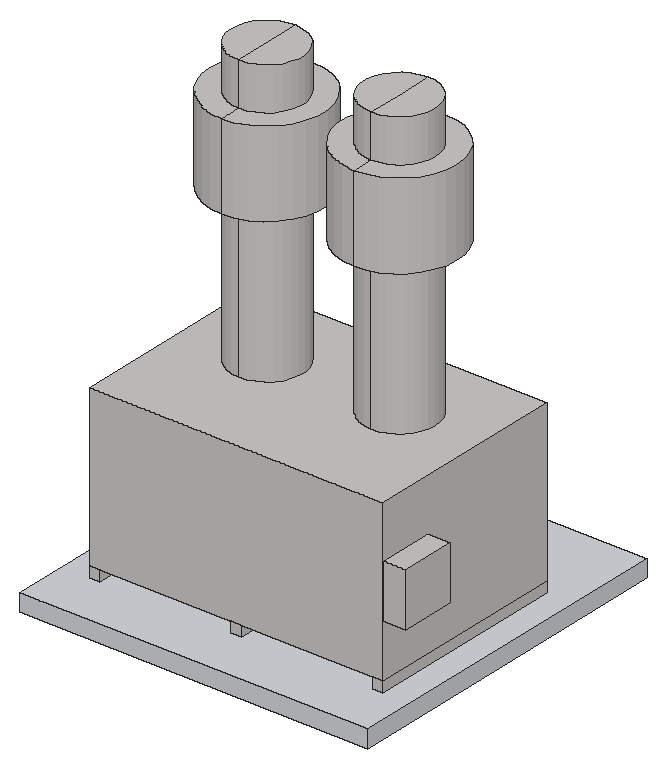
Revit family "DC_Rheem_PLM_Raypak_B2804HWT", category Plumbing Fixtures, host Face, Revit 2020
Family settings
  Host = Face
  Round Connector Dimension = Use Radius
  Part Type = Normal
  Cut with Voids When Loaded = No
  Shared = No
  Room Calculation Point = No
Parameters (values of type "Raypak - Gas Water Heater- Outdoor - 2804 MJ/h  Natural gas, modulating gas control")
  Width_ANZRS = 1430 mm
  URL = "http://www.rheem.com.au/CommercialProducts"
  Type Comments = "Recovery 10750L/h @ 50°C rise\r\n"
  TopSmallDiameter_ANZRS = 500 mm
  TopH2__ANZRS = 600 mm
  TopH1_ANZRS = 300 mm
  TopBigDiameter_ANZRS = 800 mm
  PRVDiameter_ANZRS = PRVRadius_ANZRS * 2  # 20 mm
  Materials_ANZRS = Raypak - Grey Powder Coated Steel
  PRVRadius_ANZRS = 10 mm
  PVRDistance_ANZRS = 400 mm
  Model = "B2804NCM/HWT\r\n"
  Manufacturer = "Raypak\r\n"
  Length_ANZRS = 2060 mm
  HotWaterPipeDistance_ANZRS = 235 mm
  HotWaterPipeRadius_ANZRS = 40 mm
  HotWaterPipeDiameter_ANZRS = HotWaterPipeRadius_ANZRS * 2  # 80 mm
  Height_ANZRS = 3185 mm
  GasPipeDiameter_ANZRS = GasPipeRadius_ANZRS * 2  # 65 mm
  GasPipeRadius_ANZRS = 32.5 mm
  GasPipeHeight_ANZRS = 600 mm
  GasPipeDistance_ANZRS = 210 mm
  EleBoxWidth_ANZRS = 160 mm
  EleBoxHeightFrom Base_ANZRS = 450 mm
  EleBoxHeight_ANZRS = 380 mm
  DesignBy_ANZRS = "Design Content ©"
  Description = "Raypak - Gas Water Heater- Outdoor - 2804 MJ/h  Natural gas, modulating gas control\r\n"
  Default Elevation = 0 mm
  ConnectionHeight_ANZRS = 910 mm
  ColdWaterPipeRadius_ANZRS = 40 mm
  ColdWaterPipeDistance_ANZRS = 567 mm
  ColdWaterPipeDiameter_ANZRS = ColdWaterPipeRadius_ANZRS * 2  # 80 mm
  BoxHeight_ANZRS = 1195 mm
  BaseWidth_ANZRS = 75 mm
  BaseHeight_ANZRS = 75 mm
  BaseDistance_ANZRS = 0 mm
  Author_ANZRS = "DM"
  Assembly Code = ""
  A1_ANZRS = 565 mm
Types (5, lengths in mm): name | URL | Type Comments | Model | GasPipeDiameter_ANZRS | GasPipeRadius_ANZRS | Description
  (no name) | "http://www.rheem.com.au/downloads/PDF/Raypak_Mechanical_Heating_Brochure_July_09.pdf\r\n" | "Recovery 11561L/h @ 50°C rise\r\n" | "B2804PCO/HWT\r\n\r\n\r\n\r\n" | 40 | 20 | "Raypak - Gas Water Heater- Outdoor - 3035 MJ/h  Propane gas, On/Off gas control\r\n"
  Raypak - Gas Water Heater- Outdoor - 2804 MJ/h  Natural gas, modulating gas control | "http://www.rheem.com.au/CommercialProducts" | "Recovery 10750L/h @ 50°C rise\r\n" | "B2804NCM/HWT\r\n" | 65 | 32.5 | "Raypak - Gas Water Heater- Outdoor - 2804 MJ/h  Natural gas, modulating gas control\r\n"
  Raypak - Gas Water Heater- Outdoor - 2804 MJ/h  Natural gas, On/Off gas control | "http://www.rheem.com.au/CommercialProducts" | "Recovery 10750L/h @ 50°C rise\r\n" | "B2804NCO/HWT\r\n\r\n" | 65 | 32.5 | "Raypak - Gas Water Heater- Outdoor - 2804 MJ/h  Natural gas, On/Off gas control\r\n"
  Raypak - Gas Water Heater- Outdoor - 3035 MJ/h  Propane gas, modulating gas control | "http://www.rheem.com.au/CommercialProducts" | "Recovery 11561L/h @ 50°C rise\r\n" | "B2804PCM/HWT\r\n\r\n\r\n" | 40 | 20 | "Raypak - Gas Water Heater- Outdoor - 3035 MJ/h  Propane gas, modulating gas control\r\n"
  Raypak - Gas Water Heater- Outdoor - 3035 MJ/h  Propane gas, On/Off gas control | "http://www.rheem.com.au/CommercialProducts" | "Recovery 11561L/h @ 50°C rise\r\n" | "B2804PCO/HWT\r\n\r\n\r\n\r\n" | 40 | 20 | "Raypak - Gas Water Heater- Outdoor - 3035 MJ/h  Propane gas, On/Off gas control\r\n"
Reference planes
  plane 1 "Center (Front/Back)": y = 0
  plane 2: z = 0
  plane 3 "Center (Left/Right)": x = 0
  plane 4: z = 75
  plane 5: x = -1030
  plane 6: x = 1030
  plane 7: x = 1190
  plane 8: z = 450
  plane 9: z = 1195
  plane 10: x = -1030
  plane 11: x = 1030
  plane 12: x = -955
  plane 13: x = 955
  plane 14: y = 580
  plane 15: y = -850
  plane 16: z = 3185
  plane 17: z = 2885
  plane 18: z = 2285
  plane 19: y = 250
  plane 20: y = -250
  plane 21: y = 400
  plane 22: y = -400
  plane 23: z = 910
  plane 24: y = 180
  plane 25: y = 345
  plane 26: y = -222
  plane 27: y = -640
  plane 28: z = 600
  plane 29: z = 830
  plane 30: x = -1020
  plane 31: x = -1210
  plane 32: x = -1110
  plane 33: x = -37.5
  plane 34: x = 37.5
  plane 35: x = -465
  plane 36: x = 465
  plane 37: x = -715
  plane 38: x = -215
  plane 39: x = -865
  plane 40: x = -65
  plane 41: x = 715
  plane 42: x = 215
  plane 43: x = 865
  plane 44: x = 65
  plane 45: y = -465
Forms (mm)
  Extrusion 1, solid
    sketch origin (0, 0, 0) x (1, 0, 0) y (0, 1, 0)
      loop
        line (-1219.2, 1219.2) -> (-1219.2, -1219.2) -> (1219.2, -1219.2) -> (1219.2, 1219.2) -> (-1219.2, 1219.2)
    from 0 to -120
  Extrusion 2, solid, material "Raypak - Grey Powder Coated Steel" <- "Materials_ANZRS"
    sketch origin (0, 0, 0) x (1, 0, 0) y (0, 0, 1)
      loop
        line (-1030, 75) -> (-1030, 0) -> (-955, 0) -> (-955, 75) -> (-1030, 75)
      loop
        line (955, 75) -> (955, 0) -> (1030, 0) -> (1030, 75) -> (955, 75)
      loop
        line (-37.5, 75) -> (-37.5, 0) -> (37.5, 0) -> (37.5, 75) -> (-37.5, 75)
    from -580 to 850
  Extrusion 3, solid, material "Raypak - Grey Powder Coated Steel" <- "Materials_ANZRS"
    sketch origin (0, 0, 0) x (1, 0, 0) y (0, 1, 0)
      loop
        line (-1030, 580) -> (-1030, -850) -> (1030, -850) -> (1030, 580) -> (-1030, 580)
    from 75 to 1195
  Revolve 4, solid, material "Raypak - Grey Powder Coated Steel" <- "Materials_ANZRS"
    sketch origin (-465, -4572, 910) x (0, 0, -1) y (0, -1, 0)
      loop
        line (-2275, -4572) -> (-285, -4572) -> (-285, -4322) -> (-1375, -4322) -> (-1375, -4172) -> (-1975, -4172) -> (-1975, -4322) -> (-2275, -4322) -> (-2275, -4572)
      axis (-2275, -4572) -> (-285, -4572)
    angle from 0 to 360
  Extrusion 5, solid, material "Raypak - Grey Powder Coated Steel" <- "Materials_ANZRS"
    sketch origin (0, 0, 0) x (1, 0, 0) y (0, 0, 1)
      loop
        line (1030, 830) -> (1030, 450) -> (1190, 450) -> (1190, 830) -> (1030, 830)
    from 465 to 850
  Extrusion 6, solid, material "Raypak - Grey Powder Coated Steel" <- "Materials_ANZRS"
    sketch origin (0, 0, 0) x (0, 1, 0) y (0, 0, 1)
      loop
        circle (345, 910) r 40
      loop
        circle (-222, 910) r 40
    from -1210 to -1030
  Extrusion 7, solid, material "Raypak - Grey Powder Coated Steel" <- "Materials_ANZRS"
    sketch origin (0, 0, 0) x (0, 1, 0) y (0, 0, 1)
      loop
        circle (-640, 600) r 32.5
    from -1110 to -1030
  Extrusion 8, void
    sketch origin (0, 0, 0) x (0, 1, 0) y (0, 0, 1)
      loop
        circle (180, 910) r 10
    from -1030 to -1020
  Revolve 9, solid, material "Raypak - Grey Powder Coated Steel" <- "Materials_ANZRS"
    sketch origin (465, -4572, 910) x (0, 0, -1) y (0, 1, 0)
      loop
        line (-2275, 4572) -> (-2275, 4322) -> (-1975, 4322) -> (-1975, 4172) -> (-1375, 4172) -> (-1375, 4322) -> (-285, 4322) -> (-285, 4572) -> (-2275, 4572)
      axis (-2275, 4572) -> (-285, 4572)
    angle from 0 to 360
Cuts and joins
  Extrusion 8 cuts Extrusion 3
  joined: Extrusion 3, Extrusion 7
Lines and regions (mm)
  Masking region 1
    outline origin (0, 0, 0) x (0, 1, 0) y (0, 0, 1)
      loop
        line (250, 3185) -> (-250, 3185) -> (-250, 2885) -> (-400, 2885) -> (-400, 2285) -> (-250, 2285) -> (-250, 1195) -> (-850, 1195) -> (-850, 0) -> (580, 0) -> (580, 1195) -> (250, 1195) -> (250, 2285) -> (400, 2285) -> (400, 2885) -> (250, 2885) -> (250, 3185)
  Masking region 2
    outline origin (0, 0, 0) x (1, 0, 0) y (0, 1, 0)
      loop
        line (-1030, 580) -> (-1030, 385) -> (-1210, 385) -> (-1210, 305) -> (-1030, 305) -> (-1030, -182) -> (-1210, -182) -> (-1210, -262) -> (-1030, -262) -> (-1030, -607.5) -> (-1110, -607.5) -> (-1110, -672.5) -> (-1030, -672.5) -> (-1030, -850) -> (1190, -850) -> (1190, -465) -> (1030, -465) -> (1030, 580) -> (-1030, 580)
  Masking region 3
    outline origin (0, 0, 0) x (1, 0, 0) y (0, 0, 1)
      loop
        line (-215, 2885) -> (-215, 3185) -> (-465, 3185) -> (-715, 3185) -> (-715, 2885) -> (-865, 2885) -> (-865, 2285) -> (-715, 2285) -> (-715, 1195) -> (-1030, 1195) -> (-1030, 930) -> (-1210, 930) -> (-1210, 890) -> (-1030, 890) -> (-1030, 615) -> (-1110, 615) -> (-1110, 585) -> (-1030, 585) -> (-1030, 75) -> (-1030, 0) -> (-955, 0) -> (-955, 75) -> (-37.5, 75) -> (-37.5, 0) -> (37.5, 0) -> (37.5, 75) -> (955, 75) -> (955, 0) -> (1030, 0) -> (1030, 75) -> (1030, 450) -> (1190, 450) -> (1190, 830) -> (1030, 830) -> (1030, 1195) -> (715, 1195) -> (715, 2285) -> (865, 2285) -> (865, 2885) -> (715, 2885) -> (715, 3185) -> (215, 3185) -> (215, 2885) -> (65, 2885) -> (65, 2285) -> (215, 2285) -> (215, 1195) -> (-215, 1195) -> (-215, 2285) -> (-65, 2285) -> (-65, 2885) -> (-215, 2885)
  symbolic lines, style "Rheem Raypak", detail levels fine
    curve 1: line (1030, 0, 1195) -> (-1030, 0, 1195)
    curve 2: line (1030, 0, 75) -> (1030, 0, 1195)
    curve 3: line (-1030, 0, 1195) -> (-1030, 0, 75)
    curve 4: line (-1030, 0, 75) -> (1030, 0, 75)
    curve 5: line (-955, 0, 0) -> (-955, 0, 75)
    curve 6: line (-1030, 0, 0) -> (-955, 0, 0)
    curve 7: line (-1030, 0, 75) -> (-1030, 0, 0)
    curve 8: line (1030, 0, 0) -> (1030, 0, 75)
    curve 9: line (955, 0, 75) -> (955, 0, 0)
    curve 10: line (955, 0, 0) -> (1030, 0, 0)
    curve 11: line (1030, 0, 450) -> (1190, 0, 450)
    curve 12: line (1190, 0, 450) -> (1190, 0, 830)
    curve 13: line (1190, 0, 830) -> (1030, 0, 830)
    curve 14: line (-1110, 0, 585) -> (-1030, 0, 585)
    curve 15: line (-1110, 0, 615) -> (-1110, 0, 585)
    curve 16: line (-1030, 0, 615) -> (-1110, 0, 615)
    curve 17: line (0, -400, 2885) -> (0, 400, 2885)
    curve 18: line (0, -400, 2285) -> (0, 400, 2285)
    curve 19: line (0, 400, 2285) -> (0, 400, 2885)
    curve 20: line (0, -400, 2885) -> (0, -400, 2285)
    curve 21: line (0, -250, 3185) -> (0, -250, 2885)
    curve 22: line (0, 250, 2885) -> (0, 250, 3185)
    curve 23: line (0, -250, 3185) -> (0, 250, 3185)
    curve 24: line (0, -250, 2285) -> (0, -250, 1195)
    curve 25: line (0, 250, 1195) -> (0, 250, 2285)
    curve 26: line (0, 580, 1195) -> (0, -850, 1195)
    curve 27: line (0, -850, 1195) -> (0, -850, 75)
    curve 28: line (0, 580, 75) -> (0, 580, 1195)
    curve 29: line (0, -850, 75) -> (0, 580, 75)
    curve 30: line (0, 580, 0) -> (0, 580, 75)
    curve 31: line (0, -850, 75) -> (0, -850, 0)
    curve 32: line (0, -850, 0) -> (0, 580, 0)
    curve 33: arc (0, -242, 910) -> (0, -222, 890) -> (0, -202, 910) r 20
    curve 34: arc (0, -202, 910) -> (0, -222, 930) -> (0, -242, 910) r 20
    curve 35: arc (0, -625, 600) -> (0, -640, 585) -> (0, -655, 600) r 15
    curve 36: arc (0, -655, 600) -> (0, -640, 615) -> (0, -625, 600) r 15
    curve 37: arc (0, 325, 910) -> (0, 345, 890) -> (0, 365, 910) r 20
    curve 38: arc (0, 365, 910) -> (0, 345, 930) -> (0, 325, 910) r 20
    curve 39: arc (0, 165, 910) -> (0, 180, 895) -> (0, 195, 910) r 15
    curve 40: arc (0, 195, 910) -> (0, 180, 925) -> (0, 165, 910) r 15
    curve 41: line (1030, -850, 0) -> (1030, 580, 0)
    curve 42: line (-1030, -850, 0) -> (1030, -850, 0)
    curve 43: line (-1030, 580, 0) -> (-1030, -850, 0)
    curve 44: line (1190, -850, 0) -> (1190, 580, 0)
    curve 45: line (1030, -850, 0) -> (1190, -850, 0)
    curve 46: line (-1110, -607.5, 0) -> (-1110, -672.5, 0)
    curve 47: line (-1110, -607.5, 0) -> (-1030, -607.5, 0)
    curve 48: line (-1110, -672.5, 0) -> (-1030, -672.5, 0)
    curve 49: line (37.5, 0, 0) -> (37.5, 0, 75)
    curve 50: line (-1030, 0, 75) -> (1030, 0, 75)
    curve 51: line (-37.5, 0, 75) -> (-37.5, 0, 0)
    curve 52: line (-37.5, 0, 0) -> (37.5, 0, 0)
    curve 53: line (1190, 580, 0) -> (-1030, 580, 0)
    curve 54: line (865, 0, 2285) -> (865, 0, 2885)
    curve 55: line (65, 0, 2285) -> (65, 0, 2885)
    curve 56: line (215, 0, 3185) -> (215, 0, 2885)
    curve 57: line (715, 0, 3185) -> (715, 0, 2885)
    curve 58: line (65, 0, 2285) -> (865, 0, 2285)
    curve 59: line (65, 0, 2885) -> (865, 0, 2885)
    curve 60: line (215, 0, 3185) -> (715, 0, 3185)
    curve 61: line (215, 0, 2285) -> (215, 0, 1195)
    curve 62: line (715, 0, 2285) -> (715, 0, 1195)
    curve 63: line (-215, 0, 3185) -> (-465, 0, 3185)
    curve 64: line (-465, 0, 3185) -> (-715, 0, 3185)
    curve 65: line (-465, 0, 2885) -> (-865, 0, 2885)
    curve 66: line (-65, 0, 2885) -> (-465, 0, 2885)
    curve 67: line (-65, 0, 2285) -> (-465, 0, 2285)
    curve 68: line (-465, 0, 2285) -> (-865, 0, 2285)
    curve 69: line (-865, 0, 2285) -> (-865, 0, 2885)
    curve 70: line (-715, 0, 3185) -> (-715, 0, 2885)
    curve 71: line (-215, 0, 3185) -> (-215, 0, 2885)
    curve 72: line (-65, 0, 2285) -> (-65, 0, 2885)
    curve 73: line (-215, 0, 2285) -> (-215, 0, 1195)
    curve 74: line (-715, 0, 2285) -> (-715, 0, 1195)
    curve 83: line (-1030, 0, 930) -> (-1210, 0, 930)
    curve 84: line (-1210, 0, 930) -> (-1210, 0, 890)
    curve 85: line (-1210, 0, 890) -> (-1030, 0, 890)
  symbolic lines, style "Rheem Raypak"
    curve 75: arc (-465, -400, 0) -> (-65, 0, 0) -> (-465, 400, 0) r 400
    curve 76: arc (-465, 400, 0) -> (-865, 0, 0) -> (-465, -400, 0) r 400
    curve 77: arc (-465, 250, 0) -> (-715, 0, 0) -> (-465, -250, 0) r 250
    curve 78: arc (-465, -250, 0) -> (-215, 0, 0) -> (-465, 250, 0) r 250
    curve 79: arc (465, -400, 0) -> (65, 0, 0) -> (465, 400, 0) r 400
    curve 80: arc (465, -250, 0) -> (215, 0, 0) -> (465, 250, 0) r 250
    curve 81: arc (465, 250, 0) -> (715, 0, 0) -> (465, -250, 0) r 250
    curve 82: arc (465, 400, 0) -> (865, 0, 0) -> (465, -400, 0) r 400
Dimensions and locks
  "BaseHeight_ANZRS": plane 4 to level
  equal spacing: plane 6, plane 3 "Center (Left/Right)", plane 5
  "Length_ANZRS": plane 5 to plane 6
  "EleBoxWidth_ANZRS": plane 6 to plane 7
  "EleBoxHeightFrom Base_ANZRS": plane 8 to Extrusion 1
  "EleBoxHeight_ANZRS": plane 29 to plane 8
  "BaseDistance_ANZRS": plane 10 to plane 5
  "BaseDistance_ANZRS": plane 11 to plane 6
  "BaseWidth_ANZRS": plane 10 to plane 12
  "BaseWidth_ANZRS": plane 11 to plane 13
  plane 1 "Center (Front/Back)" to plane 15 = 850 mm
  "Width_ANZRS": plane 14 to plane 15
  "Height_ANZRS": plane 16 to Extrusion 1
  "TopSmallDiameter_ANZRS": plane 19 to plane 20
  equal spacing: plane 19, plane 1 "Center (Front/Back)", plane 20
  equal spacing: plane 21, plane 1 "Center (Front/Back)", plane 22
  "TopBigDiameter_ANZRS": plane 21 to plane 22
  "ConnectionHeight_ANZRS": plane 23 to Extrusion 1
  "BoxHeight_ANZRS": plane 9 to Extrusion 1
  "PVRDistance_ANZRS": plane 14 to plane 24
  "HotWaterPipeDistance_ANZRS": plane 14 to plane 25
  "ColdWaterPipeDistance_ANZRS": plane 25 to plane 26
  "GasPipeDistance_ANZRS": plane 27 to plane 15
  "GasPipeHeight_ANZRS": plane 28 to Extrusion 1
  "TopH1_ANZRS": plane 16 to plane 17
  "TopH2__ANZRS": plane 17 to plane 18
  locked: plane 5 to plane 30 at 10
  plane 31 to plane 5 = 180 mm
  plane 31 to cut or joined group of Extrusion 3, Extrusion 7, Extrusion 8 = 180 mm
  plane 32 to cut or joined group of Extrusion 3, Extrusion 7, Extrusion 8 = 80 mm
  equal spacing: plane 33, plane 3 "Center (Left/Right)", plane 34
  "BaseWidth_ANZRS": plane 33 to plane 34
  plane 32 to plane 10 = 80 mm
  plane 31 to plane 10 = 180 mm
  "A1_ANZRS": plane 10 to plane 35
  "A1_ANZRS": plane 36 to plane 11
  equal spacing: plane 38, plane 35, plane 37
  "TopSmallDiameter_ANZRS": plane 38 to plane 37
  equal spacing: plane 39, plane 35, plane 40
  "TopBigDiameter_ANZRS": plane 39 to plane 40
  "TopSmallDiameter_ANZRS": plane 42 to plane 41
  "TopBigDiameter_ANZRS": plane 43 to plane 44
  equal spacing: plane 41, plane 36, plane 42
  equal spacing: plane 44, plane 36, plane 43
  equal spacing: Masking region 2 sketch curve, plane 25, Masking region 2 sketch curve
  "HotWaterPipeDiameter_ANZRS": Masking region 2 sketch curve to Masking region 2 sketch curve
  equal spacing: Masking region 2 sketch curve, plane 26, Masking region 2 sketch curve
  "ColdWaterPipeDiameter_ANZRS": Masking region 2 sketch curve to Masking region 2 sketch curve
  equal spacing: Masking region 2 sketch curve, plane 27, Masking region 2 sketch curve
  "GasPipeDiameter_ANZRS": Masking region 2 sketch curve to Masking region 2 sketch curve
  "ColdWaterPipeRadius_ANZRS": radius of Extrusion 6 sketch curve
  "HotWaterPipeRadius_ANZRS": radius of Extrusion 6 sketch curve
  "GasPipeRadius_ANZRS": radius of Extrusion 7 sketch curve
  "PRVRadius_ANZRS": radius of Extrusion 8 sketch curve
  aligned and locked: plane 2 to Extrusion 1
  aligned and locked: level to Extrusion 1
  aligned and locked: Extrusion 2 sketch curve to plane 4  (x2)
  aligned and locked: Extrusion 2 sketch curve to plane 10
  aligned and locked: level to Extrusion 2 sketch curve  (x2)
  aligned and locked: plane 12 to Extrusion 2 sketch curve
  aligned and locked: plane 13 to Extrusion 2 sketch curve
  aligned and locked: plane 11 to Extrusion 2 sketch curve
  aligned and locked: plane 14 to Extrusion 3 sketch curve
  aligned and locked: plane 15 to Extrusion 3 sketch curve
  aligned and locked: plane 6 to Extrusion 3 sketch curve
  aligned and locked: plane 9 to Extrusion 3
  aligned and locked: Extrusion 3 to plane 4
  aligned and locked: Extrusion 2 to plane 15
  aligned and locked: Extrusion 2 to plane 14
  aligned and locked: plane 16 to Revolve 4 sketch curve
  aligned and locked: Revolve 4 sketch curve to plane 20
  aligned and locked: Revolve 4 sketch curve to plane 22
  aligned and locked: plane 9 to Revolve 4 sketch curve
  aligned and locked: Revolve 4 sketch curve to plane 1 "Center (Front/Back)"
  aligned and locked: Extrusion 5 sketch curve to plane 29
  aligned and locked: Extrusion 5 sketch curve to plane 6
  aligned and locked: plane 8 to Extrusion 5 sketch curve
  aligned and locked: plane 7 to Extrusion 5 sketch curve
  aligned: Extrusion 2 to Extrusion 5
  aligned and locked: Extrusion 5 to Extrusion 2
  aligned and locked: plane 25 to Extrusion 6 sketch curve
  aligned and locked: plane 23 to Extrusion 6 sketch curve  (x2)
  aligned and locked: plane 26 to Extrusion 6 sketch curve
  aligned and locked: Extrusion 3 to plane 5
  aligned: Extrusion 6 to plane 5
  aligned: Extrusion 6 to plane 30
  aligned and locked: plane 28 to Extrusion 7 sketch curve
  aligned and locked: plane 27 to Extrusion 7 sketch curve
  aligned: plane 31 to Extrusion 7
  aligned: Extrusion 7 to plane 30
  aligned: plane 5 to Extrusion 7
  aligned and locked: plane 16 to Masking region 1 sketch curve
  aligned and locked: plane 17 to Masking region 1 sketch curve
  aligned and locked: Masking region 1 sketch curve to plane 22
  aligned and locked: plane 21 to Masking region 1 sketch curve
  aligned and locked: plane 19 to Masking region 1 sketch curve
  aligned and locked: Masking region 1 sketch curve to plane 20
  aligned and locked: plane 9 to Masking region 1 sketch curve
  aligned and locked: Masking region 1 sketch curve to plane 15
  aligned and locked: plane 14 to Masking region 1 sketch curve
  aligned and locked: Extrusion 1 to Masking region 1 sketch curve
  aligned and locked: plane 18 to Masking region 1 sketch curve
  aligned and locked: curve 1 to cut or joined group of Extrusion 3, Extrusion 7, Extrusion 8
  aligned and locked: curve 2 to cut or joined group of Extrusion 3, Extrusion 7, Extrusion 8
  aligned and locked: curve 3 to cut or joined group of Extrusion 3, Extrusion 7, Extrusion 8
  aligned and locked: curve 4 to cut or joined group of Extrusion 3, Extrusion 7, Extrusion 8
  aligned and locked: curve 5 to Extrusion 2
  aligned and locked: curve 6 to Extrusion 2
  aligned and locked: curve 7 to Extrusion 2
  aligned and locked: curve 8 to Extrusion 2
  aligned and locked: curve 9 to Extrusion 2
  aligned and locked: curve 10 to Extrusion 2
  aligned and locked: curve 11 to Extrusion 5
  aligned and locked: curve 12 to Extrusion 5
  aligned and locked: curve 13 to Extrusion 5
  aligned: cut or joined group of Extrusion 3, Extrusion 7, Extrusion 8 to curve 15
  aligned and locked: curve 17 to Revolve 4
  aligned and locked: curve 18 to Revolve 4
  aligned and locked: curve 19 to Masking region 1
  aligned and locked: curve 20 to Masking region 1
  aligned and locked: curve 21 to Masking region 1
  aligned and locked: curve 22 to Masking region 1
  aligned and locked: curve 23 to Revolve 4
  aligned and locked: curve 24 to Masking region 1
  aligned and locked: curve 25 to Masking region 1
  aligned and locked: curve 26 to cut or joined group of Extrusion 3, Extrusion 7, Extrusion 8
  aligned and locked: curve 27 to cut or joined group of Extrusion 3, Extrusion 7, Extrusion 8
  aligned and locked: curve 28 to cut or joined group of Extrusion 3, Extrusion 7, Extrusion 8
  aligned and locked: curve 29 to cut or joined group of Extrusion 3, Extrusion 7, Extrusion 8
  aligned and locked: curve 30 to Extrusion 2
  aligned and locked: curve 31 to Extrusion 2
  aligned and locked: curve 32 to Extrusion 2
  aligned and locked: curve 41 to cut or joined group of Extrusion 3, Extrusion 7, Extrusion 8
  aligned and locked: curve 42 to cut or joined group of Extrusion 3, Extrusion 7, Extrusion 8
  aligned and locked: curve 43 to cut or joined group of Extrusion 3, Extrusion 7, Extrusion 8
  aligned and locked: curve 44 to Extrusion 5
  aligned and locked: curve 45 to Extrusion 5
  aligned: cut or joined group of Extrusion 3, Extrusion 7, Extrusion 8 to curve 46
  aligned and locked: plane 31 to Extrusion 6
  aligned: plane 5 to Extrusion 6
  aligned: plane 32 to Extrusion 7
  aligned and locked: curve 49 to Extrusion 2
  aligned and locked: curve 50 to cut or joined group of Extrusion 3, Extrusion 7, Extrusion 8
  aligned and locked: curve 51 to Extrusion 2
  aligned and locked: curve 52 to Extrusion 2
  aligned and locked: Masking region 2 sketch curve to curve 53
  aligned and locked: Masking region 2 sketch curve to Extrusion 2
  aligned and locked: Masking region 2 sketch curve to Extrusion 5  (x2)
  aligned and locked: Extrusion 6 to Masking region 2 sketch curve
  aligned and locked: cut or joined group of Extrusion 3, Extrusion 7, Extrusion 8 to Masking region 2 sketch curve
  aligned and locked: plane 32 to curve 15
  aligned and locked: plane 24 to Extrusion 8 sketch curve
  aligned and locked: plane 23 to Extrusion 8 sketch curve
  aligned and locked: Extrusion 8 to plane 5
  aligned: Extrusion 6 to Extrusion 8
  aligned and locked: Extrusion 7 to curve 47
  aligned and locked: cut or joined group of Extrusion 3, Extrusion 7, Extrusion 8 to plane 10
  aligned and locked: Extrusion 8 to plane 30
  aligned and locked: Extrusion 6 to plane 10
  aligned and locked: plane 22 to Revolve 9 sketch curve
  aligned and locked: Revolve 9 sketch curve to plane 18
  aligned and locked: plane 20 to Revolve 9 sketch curve  (x2)
  aligned and locked: Revolve 9 sketch curve to plane 16
  aligned and locked: Revolve 9 sketch curve to plane 17
  aligned and locked: Revolve 9 sketch curve to plane 1 "Center (Front/Back)"
  aligned and locked: plane 43 to curve 54
  aligned and locked: curve 55 to plane 44
  aligned and locked: curve 56 to plane 42
  aligned and locked: plane 41 to curve 57
  aligned and locked: curve 58 to plane 18
  aligned and locked: curve 59 to plane 17
  aligned and locked: curve 60 to plane 16
  aligned and locked: curve 63 to Revolve 4
  aligned and locked: curve 64 to Revolve 4
  aligned and locked: curve 65 to Revolve 4
  aligned and locked: curve 66 to Revolve 4
  aligned and locked: curve 67 to Revolve 4
  aligned and locked: curve 68 to Revolve 4
  aligned and locked: curve 69 to plane 39
  aligned and locked: curve 70 to plane 37
  aligned and locked: plane 38 to curve 71
  aligned and locked: plane 40 to curve 72
  aligned and locked: plane 17 to curve 72
  aligned and locked: plane 17 to curve 70
  aligned and locked: plane 17 to curve 71
  aligned and locked: plane 18 to curve 74
  aligned and locked: plane 18 to curve 73
  aligned and locked: Masking region 3 sketch curve to curve 71
  aligned and locked: Masking region 3 sketch curve to curve 63
  aligned and locked: Masking region 3 sketch curve to curve 64
  aligned and locked: Masking region 3 sketch curve to curve 70
  aligned and locked: Masking region 3 sketch curve to curve 56
  aligned and locked: Masking region 3 sketch curve to curve 60
  aligned and locked: Masking region 3 sketch curve to curve 57
  aligned and locked: Revolve 4 to Masking region 3 sketch curve  (x2)
  aligned and locked: Masking region 3 sketch curve to Revolve 4  (x2)
  aligned and locked: Masking region 3 sketch curve to curve 69
  aligned and locked: Masking region 3 sketch curve to curve 72
  aligned and locked: Masking region 3 sketch curve to curve 74
  aligned and locked: Masking region 3 sketch curve to curve 73
  aligned and locked: Masking region 3 sketch curve to curve 61
  aligned and locked: Masking region 3 sketch curve to curve 62
  aligned and locked: Revolve 9 to Masking region 3 sketch curve  (x2)
  aligned and locked: Masking region 3 sketch curve to Revolve 9  (x2)
  aligned and locked: Masking region 3 sketch curve to curve 54
  aligned and locked: Masking region 3 sketch curve to curve 55
  aligned and locked: Masking region 3 sketch curve to cut or joined group of Extrusion 3, Extrusion 7, Extrusion 8  (x3)
  aligned and locked: Masking region 3 sketch curve to Extrusion 2  (x9)
  aligned and locked: cut or joined group of Extrusion 3, Extrusion 7, Extrusion 8 to Masking region 3 sketch curve
  aligned and locked: Masking region 3 sketch curve to Extrusion 5  (x3)
  aligned and locked: plane 9 to curve 73
  aligned and locked: plane 9 to curve 74
  aligned and locked: curve 75 to Revolve 4
  aligned and locked: curve 76 to Revolve 4
  aligned and locked: curve 77 to Revolve 4
  aligned and locked: curve 78 to Revolve 4
  aligned and locked: curve 79 to Revolve 9
  aligned and locked: curve 80 to Revolve 9
  aligned and locked: curve 81 to Revolve 9
  aligned and locked: curve 82 to Revolve 9
  aligned and locked: Masking region 3 sketch curve to plane 31
  aligned and locked: Masking region 3 sketch curve to plane 32
  aligned and locked: curve 83 to Masking region 3
  aligned and locked: Extrusion 6 to curve 84
  aligned and locked: curve 85 to Masking region 3
  aligned and locked: Masking region 2 sketch curve to plane 11
  aligned and locked: Masking region 2 sketch curve to plane 45
  aligned and locked: curve 47 to Masking region 2
  aligned and locked: curve 48 to Masking region 2
Automatic sketch dimensions
  curve 43 to plane 5 = 0 mm
  curve 45 to plane 6 = 0 mm
  curve 44 to plane 7 = 0 mm
  curve 42 to plane 15 = 0 mm
  plane 14 to curve 44 = 0 mm
  plane 27 to curve 48 = 32.5 mm
  curve 47 to plane 27 = 32.5 mm
  curve 33 to curve 34 = 0 mm  (x2)
  curve 35 to curve 36 = 0 mm  (x2)
  curve 37 to curve 38 = 0 mm  (x2)
  curve 39 to curve 40 = 0 mm  (x2)
  curve 31 to plane 4 = 0 mm
  curve 31 to plane 15 = 0 mm
  curve 36 to plane 28 = 0 mm
  curve 35 to plane 27 = 0 mm
  curve 18 to plane 18 = 0 mm
  curve 18 to plane 22 = 0 mm
  curve 23 to plane 16 = 0 mm
  curve 23 to plane 20 = 0 mm
  curve 24 to plane 9 = 0 mm
  curve 24 to plane 20 = 0 mm
  curve 33 to plane 23 = 0 mm
  curve 33 to plane 26 = 0 mm
  curve 39 to plane 23 = 0 mm
  curve 40 to plane 24 = 0 mm
  curve 22 to plane 19 = 0 mm
  curve 25 to plane 19 = 0 mm
  curve 37 to plane 23 = 0 mm
  curve 37 to plane 25 = 0 mm
  plane 17 to curve 19 = 0 mm
  curve 19 to plane 21 = 0 mm
  curve 29 to plane 14 = 0 mm
  curve 32 to level = 0 mm
  curve 36 to curve 35 = 15 mm
  plane 26 to curve 33 = 20 mm
  plane 24 to curve 39 = 15 mm
  plane 25 to curve 37 = 20 mm
  Extrusion 1 sketch curve to Extrusion 1 sketch curve = 2438.4 mm  (x2)
  Extrusion 2 sketch curve to plane 4 = 0 mm
  plane 33 to Extrusion 2 sketch curve = 0 mm
  Extrusion 2 sketch curve to level = 0 mm
  Extrusion 2 sketch curve to plane 34 = 0 mm
  Extrusion 3 sketch curve to plane 5 = 0 mm
  Revolve 4 sketch curve to plane 1 "Center (Front/Back)" = 0 mm
  Revolve 4 sketch curve to plane 17 = 0 mm
  Revolve 4 sketch curve to plane 18 = 0 mm
  Revolve 4 sketch curve to plane 20 = 0 mm
  Revolve 4 sketch curve to plane 16 = 51.193 mm
  Revolve 4 sketch curve to level = 2207.352 mm
  Masking region 1 sketch curve to plane 17 = 0 mm
  Masking region 1 sketch curve to plane 20 = 0 mm
  Masking region 1 sketch curve to plane 19 = 0 mm
  Masking region 1 sketch curve to plane 9 = 0 mm
  Masking region 1 sketch curve to plane 18 = 0 mm
  Revolve 9 sketch curve to plane 1 "Center (Front/Back)" = 0 mm
  Revolve 9 sketch curve to plane 9 = 0 mm
  Revolve 9 sketch curve to Revolve 9 sketch curve = 51.193 mm
  Revolve 9 sketch curve to level = 2207.352 mm
  plane 32 to curve 14 = 0 mm
  curve 3 to plane 4 = 0 mm
  curve 3 to plane 5 = 0 mm
  curve 6 to level = 0 mm
  curve 6 to plane 5 = 0 mm
  plane 12 to curve 6 = 0 mm
  curve 74 to plane 37 = 0 mm
  curve 63 to plane 16 = 0 mm
  plane 35 to curve 63 = 0 mm
  plane 35 to curve 67 = 0 mm
  plane 35 to curve 66 = 0 mm
  plane 38 to curve 73 = 0 mm
  plane 33 to curve 51 = 0 mm
  curve 49 to plane 34 = 0 mm
  curve 61 to plane 42 = 0 mm
  plane 41 to curve 62 = 0 mm
  curve 10 to level = 0 mm
  curve 10 to plane 13 = 0 mm
  plane 6 to curve 4 = 0 mm
  plane 6 to curve 10 = 0 mm
  plane 7 to curve 12 = 0 mm
  curve 52 to level = 0 mm
  curve 11 to plane 8 = 0 mm
  curve 13 to plane 29 = 0 mm
  curve 14 to plane 28 = 15 mm
  plane 28 to curve 16 = 15 mm
  plane 35 to Masking region 3 sketch curve = 0 mm
  plane 6 to Masking region 3 sketch curve = 0 mm
  Masking region 3 sketch curve to plane 4 = 0 mm  (x3)
  Masking region 3 sketch curve to plane 9 = 0 mm  (x2)
  Masking region 3 sketch curve to plane 23 = 20 mm
  plane 23 to Masking region 3 sketch curve = 20 mm
  plane 28 to Masking region 3 sketch curve = 15 mm
  Masking region 3 sketch curve to plane 5 = 0 mm
  Masking region 3 sketch curve to plane 28 = 15 mm
  plane 31 to curve 83 = 0 mm
  plane 23 to curve 83 = 20 mm
  curve 84 to plane 23 = 20 mm
  Masking region 2 sketch curve to plane 31 = 0 mm
  Masking region 2 sketch curve to plane 5 = 0 mm  (x3)
Connectors
  piping at (-1110, -640, 600), diameter 65, driven by "GasPipeRadius_ANZRS"
    settings: on cut or joined group of Extrusion 3, Extrusion 7, Extrusion 8, index 4, connector inside diameter 1.5748", connector length 0 mm, flow factor 0, pipe flow 0 GPM, pressure drop 0.00 psi, fitting loss kfactor 0, connector angle 0.00°, fixture units 0, engagement length 0 mm, angle of deflection 0.00°, flow configuration 1, flow direction 1, fitting loss method 0, system type 22, joint type 0, gender type 0, connector reference index -1, connector utility 0, adjustable connector no, is connector primary yes, connector description "Gas"
  piping at (-1210, 345, 910), diameter 80, driven by "HotWaterPipeRadius_ANZRS"
    settings: on Extrusion 6, index 5, connector inside diameter 3.14961", connector length 0 mm, flow factor 0, pipe flow 0 GPM, pressure drop 0.00 psi, fitting loss kfactor 0, connector angle 0.00°, fixture units 0, engagement length 0 mm, angle of deflection 0.00°, flow configuration 1, flow direction 2, fitting loss method 0, system type 19, joint type 0, gender type 0, connector reference index -1, connector utility 0, adjustable connector no, is connector primary no, connector description ""
  piping at (-1210, -222, 910), diameter 80, driven by "ColdWaterPipeRadius_ANZRS"
    settings: on Extrusion 6, index 7, connector inside diameter 3.14961", connector length 0 mm, flow factor 0, pipe flow 0 GPM, pressure drop 0.00 psi, fitting loss kfactor 0, connector angle 0.00°, fixture units 0, engagement length 0 mm, angle of deflection 0.00°, flow configuration 1, flow direction 1, fitting loss method 0, system type 20, joint type 0, gender type 0, connector reference index -1, connector utility 0, adjustable connector no, is connector primary no, connector description ""
  piping at (-1030, 180, 910), diameter 20, driven by "PRVRadius_ANZRS"
    settings: on cut or joined group of Extrusion 3, Extrusion 7, Extrusion 8, index 8, connector inside diameter 0.7874", connector length 0 mm, flow factor 0, pipe flow 0 GPM, pressure drop 0.00 psi, fitting loss kfactor 0, connector angle 0.00°, fixture units 0, engagement length 0 mm, angle of deflection 0.00°, flow configuration 1, flow direction 2, fitting loss method 0, system type 22, joint type 0, gender type 0, connector reference index -1, connector utility 0, adjustable connector no, is connector primary no, connector description "PRV"
